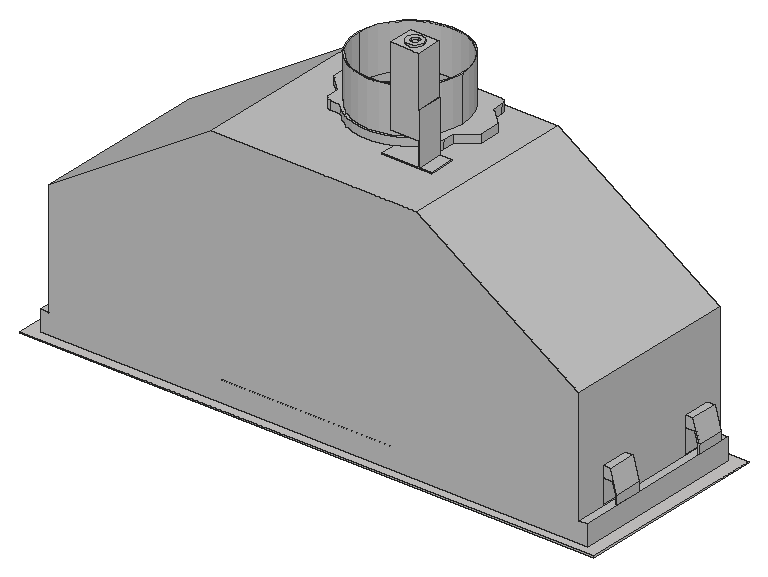
Revit family "FP_Revit_18_HP36ILTX1_Rangehood_90000955A", category Specialty Equipment, Revit 2018
Family settings
  Round Connector Dimension = Use Diameter
  Part Type = Normal
  OmniClass Number = 23.40.40.00
  OmniClass Title = Food Service Equipment and Furnishings
  Work Plane-Based = No
  Always vertical = Yes
  Cut with Voids When Loaded = Yes
  Shared = No
  Room Calculation Point = No
Parameters
  Visibility - Clearance Required = yes
  URL = "www.fisherpaykel.com"
  Product - Width = 830 mm  # constant formula
  Product - Height = 501 mm  # constant formula
  Product - Depth = 280 mm  # constant formula
  Model = "HP36ILTX1"
  Material - Trim = Fisher & Paykel - Stainless Steel
  Material - Glass = Fisher & Paykel - White Bezel
  Material - Body = Fisher & Paykel - Grey
  Manufacturer = "Fisher & Paykel Appliances"
  Keynote = ""
  FFL Offset [instance] = 1565 mm
  Description = "36\" Insert Rangehood"
  Connector Description - Extraction = "Use rigid or semi-rigid ducting 6\" (152mm) diameter, 600 CFM"
  Connector Description - Electrical = "120 V, 60Hz, 630W"
  Chassis - Width = 792 mm  # constant formula
  Chassis - Height = 348 mm  # constant formula
  Chassis - Depth = 255 mm  # constant formula
  Cavity - Width = 800 mm  # constant formula
  Cavity - Height = 550 mm  # constant formula
  Cavity - Depth = 260 mm  # constant formula
Reference planes
  plane 1 "Center (Front/Back)": y = 0
  plane 2: z = 0
  plane 3 "Center (Left/Right)": x = 0
  plane 4 "Product - LHS": x = -415
  plane 5 "Product - RHS": x = 415
  plane 6 "Product - Rear": y = 140
  plane 7 "Cavity - Rear": y = 130
  plane 8 "Chassis - LHS": x = -396
  plane 9 "Chassis - RHS": x = 396
  plane 10 "Product - Front": y = -140
  plane 11 "Cavity - Front": y = -130
  plane 12 "Cavity - RHS": x = 400
  plane 13 "Cavity - LHS": x = -400
  plane 14 "Chassis - Rear": y = 127.5
  plane 15 "Chassis - Front": y = -127.5
  plane 16 "Product - Height": z = 2064
  plane 17 "FFL Offset": z = 1565
  plane 18 "Frame": z = 1563
Forms (mm)
  Extrusion 1, solid, material "Fisher & Paykel - Grey" <- "Material - Body"
    sketch origin (0, -130, 0) x (-1, 0, 0) y (0, 0, 1)
      loop
        line (-384, 1595) -> (-396, 1595) -> (-396, 1565) -> (396, 1565) -> (396, 1595) -> (384, 1595) -> (384, 1760.558) -> (149.5, 1913) -> (-149.5, 1913) -> (-384, 1760.558) -> (-384, 1595)
    from 2.5 to 257.5
  Extrusion 2, void
    sketch origin (0, 0, 0) x (0, 1, 0) y (0, 0, 1)
      loop
        line (-67, 1563) -> (125, 1563) -> (125, 1583) -> (117, 1583) -> (117, 1593) -> (-67, 1593) -> (-67, 1563)
    from -395 to 395
  Extrusion 3, solid, material "Fisher & Paykel - Stainless Steel" <- "Material - Trim"
    sketch origin (0, 0, 0) x (1, 0, 0) y (0, 1, 0)
      loop
        line (-415, -140) -> (415, -140) -> (415, 140) -> (-415, 140) -> (-415, -140)
      loop
        line (-395, -67) -> (395, -67) -> (395, 125) -> (-395, 125) -> (-395, -67)
      loop
        line (-145.5, -125) -> (145.5, -125) -> (145.5, -87) -> (-145.5, -87) -> (-145.5, -125)
      loop
        circle (-337.5, -100) r 25
      loop
        circle (337.5, -100) r 25
    from 1563 to 1565
  Extrusion 4, solid, material "Fisher & Paykel - Stainless Steel" <- "Material - Trim", detail levels fine
    sketch origin (0, 0, 0) x (1, 0, 0) y (0, 1, 0)
      loop
        line (-377, -48.229) -> (377, -48.229) -> (377, 109.2) -> (-377, 109.2) -> (-377, -48.229)
    from 1563 to 1566
  Extrusion 5, solid, material "Fisher & Paykel - Grey"
    sketch origin (0, 0, 0) x (1, 0, 0) y (0, 1, 0)
      loop
        circle (0.002, 47) r 76
      loop
        circle (0.002, 47) r 75
    from 1925 to 1990
  Extrusion 6, solid, material "Fisher & Paykel - Clearance Required", visible <- "Visibility - Clearance Required", detail levels coarse
    sketch origin (0, 0, 0) x (1, 0, 0) y (0, 1, 0)
      loop
        line (-400, 130) -> (-400, -130) -> (400, -130) -> (400, 130) -> (-400, 130)
    from 1565 to 2115
  Extrusion 7, solid, material "Fisher & Paykel - Clearance Required", visible <- "Visibility - Clearance Required", detail levels coarse
    sketch origin (0, 0, 0) x (1, 0, 0) y (0, 1, 0)
      loop
        circle (0.002, 47) r 80
    from 2115 to 2165
  Extrusion 8, void
    sketch origin (0, 0, 0) x (0, 1, 0) y (0, 0, 1)
      loop
        line (-125, 1563) -> (-87, 1563) -> (-87, 1565) -> (-112, 1584) -> (-125, 1579) -> (-125, 1563)
    from -145.5 to 145.5
  Extrusion 9, solid, material "Fisher & Paykel - Grey" <- "Material - Body", detail levels fine
    sketch origin (0, -31.853, 1523.088) x (0, -0.796162, 0.605083) y (1, 0, 0)
      loop
        line (89.266, -59) -> (89.266, -41.5) -> (79.266, -41.5) -> (79.266, -59) -> (89.266, -59)
      loop
        line (89.266, -41) -> (89.266, -23.5) -> (79.266, -23.5) -> (79.266, -41) -> (89.266, -41)
      loop
        line (89.266, -23) -> (89.266, -5.5) -> (79.266, -5.5) -> (79.266, -23) -> (89.266, -23)
      loop
        line (89.266, -5) -> (89.266, 5) -> (79.266, 5) -> (79.266, -5) -> (89.266, -5)
      loop
        line (89.266, 5.5) -> (89.266, 23) -> (79.266, 23) -> (79.266, 5.5) -> (89.266, 5.5)
      loop
        line (89.266, 23.5) -> (89.266, 41) -> (79.266, 41) -> (79.266, 23.5) -> (89.266, 23.5)
      loop
        line (89.266, 41.5) -> (89.266, 59) -> (79.266, 59) -> (79.266, 41.5) -> (89.266, 41.5)
    from -1 to 0
  Extrusion 10, solid, material "Fisher & Paykel - Grey" <- "Material - Body"
    sketch origin (0, 0, 0) x (1, 0, 0) y (0, 0, 1)
      loop
        line (88.292, 1914) -> (35.343, 1914) -> (35.343, 1913) -> (107, 1913) -> (107, 1914) -> (89.292, 1914) -> (89.292, 1989) -> (88.292, 1989) -> (88.292, 2062) -> (47.292, 2062) -> (47.292, 1949) -> (88.292, 1949) -> (88.292, 1914)
    from 11.229 to 48.229
  Extrusion 11, solid, material "Fisher & Paykel - Grey", detail levels fine
    sketch origin (0, 0, 0) x (1, 0, 0) y (0, 1, 0)
      loop
        circle (68.343, -29.729) r 12
      loop
        circle (68.343, -29.729) r 6
    from 2062 to 2064
  Extrusion 12, solid, material "Fisher & Paykel - Grey" <- "Material - Body", detail levels medium+fine
    sketch origin (0, 0, 0) x (1, 0, 0) y (0, 1, 0)
      loop
        arc (-73, 119.5) -> (-80.071, 116.571) -> (-83, 109.5) r 10
        line (-83, 109.5) -> (-83, 93.61) -> (-107, 72) -> (-107, 42) -> (-83, 20.39) -> (-83, 4.5)
        arc (-83, 4.5) -> (-80.071, -2.571) -> (-73, -5.5) r 10
        line (-73, -5.5) -> (-59.699, -5.5)
        arc (-59.699, -5.5) -> (0, -32.5) -> (59.699, -5.5) r 79.5
        line (59.699, -5.5) -> (73, -5.5)
        arc (73, -5.5) -> (80.071, -2.571) -> (83, 4.5) r 10
        line (83, 4.5) -> (83, 20.39) -> (107, 42) -> (107, 72) -> (83, 93.61) -> (83, 109.5)
        arc (83, 109.5) -> (80.071, 116.571) -> (73, 119.5) r 10
        line (73, 119.5) -> (32.619, 119.5)
        arc (32.619, 119.5) -> (0, 126.5) -> (-32.619, 119.5) r 79.5
        line (-32.619, 119.5) -> (-73, 119.5)
      loop
        circle (0, 47) r 76
    from 1913 to 1925
  Extrusion 13, solid, material "Fisher & Paykel - White Bezel" <- "Material - Glass", detail levels fine
    sketch origin (0, 0, 0) x (1, 0, 0) y (0, 1, 0)
      loop
        circle (-337.5, -100) r 22
      loop
        circle (337.5, -100) r 22
    from 1563 to 1566
  Extrusion 14, solid, material "Fisher & Paykel - Grey" <- "Material - Body", detail levels medium+fine
    sketch origin (0, 0, 1565) x (1, 0, 0) y (0, 0, 1)
      loop
        line (-384, 83) -> (-396, 83) -> (-405, 51) -> (-405, 39) -> (-403, 39) -> (-403, 51) -> (-398.5, 67) -> (-386, 67) -> (-386, 33) -> (-384, 33) -> (-384, 83)
      loop
        line (384, 83) -> (384, 33) -> (386, 33) -> (386, 67) -> (398.5, 67) -> (403, 51) -> (403, 39) -> (405, 39) -> (405, 51) -> (396, 83) -> (384, 83)
    from 46 to 85
  Extrusion 15, solid, material "Fisher & Paykel - Grey" <- "Material - Body", detail levels medium+fine
    sketch origin (0, 0, 1565) x (1, 0, 0) y (0, 0, 1)
      loop
        line (-384, 83) -> (-396, 83) -> (-405, 51) -> (-405, 39) -> (-403, 39) -> (-403, 51) -> (-398.5, 67) -> (-386, 67) -> (-386, 33) -> (-384, 33) -> (-384, 83)
      loop
        line (384, 83) -> (384, 33) -> (386, 33) -> (386, 67) -> (398.5, 67) -> (403, 51) -> (403, 39) -> (405, 39) -> (405, 51) -> (396, 83) -> (384, 83)
    from -103 to -64
  Extrusion 16, solid, material "Fisher & Paykel - Grey" <- "Material - Body", not visible, detail levels fine
    sketch origin (0, -31.853, 958.088) x (0, -0.796162, 0.605083) y (1, 0, 0)
      loop
        line (89.266, -59) -> (89.266, -41.5) -> (79.266, -41.5) -> (79.266, -59) -> (89.266, -59)
      loop
        line (89.266, -41) -> (89.266, -23.5) -> (79.266, -23.5) -> (79.266, -41) -> (89.266, -41)
      loop
        line (89.266, -23) -> (89.266, -5.5) -> (79.266, -5.5) -> (79.266, -23) -> (89.266, -23)
      loop
        line (89.266, -5) -> (89.266, 5) -> (79.266, 5) -> (79.266, -5) -> (89.266, -5)
      loop
        line (89.266, 5.5) -> (89.266, 23) -> (79.266, 23) -> (79.266, 5.5) -> (89.266, 5.5)
      loop
        line (89.266, 23.5) -> (89.266, 41) -> (79.266, 41) -> (79.266, 23.5) -> (89.266, 23.5)
      loop
        line (89.266, 41.5) -> (89.266, 59) -> (79.266, 59) -> (79.266, 41.5) -> (89.266, 41.5)
    from -1 to 0
  Extrusion 17, solid, material "Fisher & Paykel - Grey" <- "Material - Body", not visible, detail levels medium+fine
    sketch origin (0, 0, 1000) x (1, 0, 0) y (0, 0, 1)
      loop
        line (-384, 83) -> (-396, 83) -> (-405, 51) -> (-405, 39) -> (-403, 39) -> (-403, 51) -> (-398.5, 67) -> (-386, 67) -> (-386, 33) -> (-384, 33) -> (-384, 83)
      loop
        line (384, 83) -> (384, 33) -> (386, 33) -> (386, 67) -> (398.5, 67) -> (403, 51) -> (403, 39) -> (405, 39) -> (405, 51) -> (396, 83) -> (384, 83)
    from 46 to 85
  Extrusion 18, solid, material "Fisher & Paykel - Grey" <- "Material - Body", not visible, detail levels medium+fine
    sketch origin (0, 0, 1000) x (1, 0, 0) y (0, 0, 1)
      loop
        line (-384, 83) -> (-396, 83) -> (-405, 51) -> (-405, 39) -> (-403, 39) -> (-403, 51) -> (-398.5, 67) -> (-386, 67) -> (-386, 33) -> (-384, 33) -> (-384, 83)
      loop
        line (384, 83) -> (384, 33) -> (386, 33) -> (386, 67) -> (398.5, 67) -> (403, 51) -> (403, 39) -> (405, 39) -> (405, 51) -> (396, 83) -> (384, 83)
    from -103 to -64
  Extrusion 19, void
    sketch origin (0, 0, 0) x (1, 0, 0) y (0, 1, 0)
      loop
        line (-400, 130) -> (-400, -130) -> (400, -130) -> (400, 130) -> (-400, 130)
    from 1565 to 2115
  Extrusion 20, void
    sketch origin (0, 0, 0) x (1, 0, 0) y (0, 1, 0)
      loop
        circle (0.002, 47) r 80
    from 2115 to 2165
Cuts and joins
  Extrusion 2, Extrusion 8 cuts Extrusion 1
  Extrusion 8 cuts Extrusion 3
Text (mm)
  text "Due to ongoing product development, product details are subject to change without notice. \nPlease always refer to www.fisherpaykel.com for the most current product information. \n© Fisher & Paykel 2020" at (41.04, -1044.323, 0), in view "Ref. Level (Plan)"
Dimensions and locks
  equal spacing: plane 4 "Product - LHS", plane 3 "Center (Left/Right)", plane 5 "Product - RHS"
  equal spacing: plane 8 "Chassis - LHS", plane 3 "Center (Left/Right)", plane 9 "Chassis - RHS"
  "Chassis - Width": plane 8 "Chassis - LHS" to plane 9 "Chassis - RHS"
  equal spacing: plane 11 "Cavity - Front", plane 1 "Center (Front/Back)", plane 7 "Cavity - Rear"
  equal spacing: plane 6 "Product - Rear", plane 1 "Center (Front/Back)", plane 10 "Product - Front"
  "Cavity - Depth": plane 11 "Cavity - Front" to plane 7 "Cavity - Rear"
  "Product - Depth": plane 6 "Product - Rear" to plane 10 "Product - Front"
  "Product - Width": plane 4 "Product - LHS" to plane 5 "Product - RHS"
  equal spacing: plane 13 "Cavity - LHS", plane 3 "Center (Left/Right)", plane 12 "Cavity - RHS"
  plane 13 "Cavity - LHS" to plane 12 "Cavity - RHS" = 800 mm
  "Cavity - Width": plane 13 "Cavity - LHS" to plane 12 "Cavity - RHS"
  equal spacing: plane 15 "Chassis - Front", plane 1 "Center (Front/Back)", plane 14 "Chassis - Rear"
  "Chassis - Depth": plane 15 "Chassis - Front" to plane 14 "Chassis - Rear"
  "FFL Offset": plane 17 "FFL Offset" to level
  locked: Extrusion 12 to plane 17 "FFL Offset" at 360
  locked: Extrusion 5 to plane 17 "FFL Offset" at 425
  locked: Extrusion 10 sketch curve to cut or joined group of Extrusion 1, Extrusion 2, Extrusion 8 at 36
  locked: Extrusion 10 sketch curve to cut or joined group of Extrusion 1, Extrusion 2, Extrusion 8 at 1
  locked: Extrusion 10 sketch curve to cut or joined group of Extrusion 1, Extrusion 2, Extrusion 8 at 149
  locked: Extrusion 10 sketch curve to cut or joined group of Extrusion 1, Extrusion 2, Extrusion 8 at 76
  locked: plane 17 "FFL Offset" to Extrusion 2 sketch curve at 28
  locked: plane 17 "FFL Offset" to plane 18 "Frame" at 2
  locked: Extrusion 4 to plane 18 "Frame" at 3
  locked: Extrusion 8 sketch curve to plane 18 "Frame" at 16
  locked: Extrusion 8 sketch curve to plane 18 "Frame" at 21
  locked: Extrusion 14 to plane 17 "FFL Offset" at 83
  "Cavity - Height": Extrusion 6 to plane 17 "FFL Offset"
  locked: Extrusion 7 to Extrusion 6 at 50
  "Chassis - Height": cut or joined group of Extrusion 1, Extrusion 2, Extrusion 8 to plane 17 "FFL Offset"
  "Product - Height": plane 16 "Product - Height" to plane 18 "Frame"
  aligned and locked: level to plane 2
  aligned and locked: plane 7 "Cavity - Rear" to Extrusion 6 sketch curve
  aligned and locked: Extrusion 6 sketch curve to plane 13 "Cavity - LHS"
  aligned and locked: plane 11 "Cavity - Front" to Extrusion 6 sketch curve
  aligned and locked: Extrusion 6 sketch curve to plane 12 "Cavity - RHS"
  aligned and locked: Extrusion 7 to Extrusion 6
  aligned and locked: Extrusion 1 to plane 15 "Chassis - Front"
  aligned and locked: Extrusion 1 to plane 14 "Chassis - Rear"
  aligned and locked: Extrusion 1 sketch curve to plane 17 "FFL Offset"
  aligned and locked: Extrusion 12 to cut or joined group of Extrusion 1, Extrusion 2, Extrusion 8
  aligned and locked: Extrusion 5 to Extrusion 12
  aligned and locked: Extrusion 10 sketch curve to cut or joined group of Extrusion 1, Extrusion 2, Extrusion 8
  aligned and locked: Extrusion 10 sketch curve to Extrusion 10 sketch curve
  aligned and locked: Extrusion 2 to plane 18 "Frame"
  aligned and locked: Extrusion 3 to cut or joined group of Extrusion 1, Extrusion 2, Extrusion 8
  aligned and locked: Extrusion 3 to plane 18 "Frame"
  aligned and locked: Extrusion 13 to Extrusion 4
  aligned and locked: cut or joined group of Extrusion 3, Extrusion 8 to Extrusion 4
  aligned and locked: Extrusion 4 to Extrusion 13
  aligned and locked: plane 18 "Frame" to Extrusion 8 sketch curve
  aligned and locked: Extrusion 11 to Extrusion 10
  aligned and locked: Extrusion 6 to cut or joined group of Extrusion 1, Extrusion 2, Extrusion 8
  aligned and locked: plane 16 "Product - Height" to Extrusion 11
  aligned and locked: Extrusion 19 to Extrusion 6
  aligned and locked: Extrusion 19 to cut or joined group of Extrusion 1, Extrusion 2, Extrusion 8
  aligned and locked: Extrusion 20 to Extrusion 7
  aligned and locked: Extrusion 20 to Extrusion 6
Automatic sketch dimensions
  Extrusion 9 sketch curve to Extrusion 9 sketch curve = 0 mm  (x12)
  Extrusion 9 sketch curve to Extrusion 9 sketch curve = 10 mm  (x2)
  Extrusion 9 sketch curve to Extrusion 9 sketch curve = 0.5 mm  (x6)
  Extrusion 9 sketch curve to Extrusion 9 sketch curve = 17.5 mm  (x6)
  Extrusion 14 sketch curve to Extrusion 14 sketch curve = 2 mm  (x3)
  Extrusion 14 sketch curve to Extrusion 14 sketch curve = 6 mm  (x2)
  Extrusion 14 sketch curve to Extrusion 14 sketch curve = 12 mm  (x4)
  Extrusion 14 sketch curve to Extrusion 14 sketch curve = 0 mm  (x3)
  Extrusion 14 sketch curve to Extrusion 14 sketch curve = 16 mm  (x4)
  Extrusion 15 sketch curve to Extrusion 15 sketch curve = 2 mm  (x3)
  Extrusion 15 sketch curve to Extrusion 15 sketch curve = 4.5 mm  (x2)
  Extrusion 15 sketch curve to Extrusion 15 sketch curve = 2.5 mm
  Extrusion 15 sketch curve to Extrusion 15 sketch curve = 12.5 mm  (x2)
  Extrusion 15 sketch curve to Extrusion 15 sketch curve = 12 mm  (x4)
  Extrusion 15 sketch curve to Extrusion 15 sketch curve = 6 mm  (x2)
  Extrusion 15 sketch curve to Extrusion 15 sketch curve = 0 mm  (x3)
  Extrusion 15 sketch curve to Extrusion 15 sketch curve = 16 mm  (x4)
  Extrusion 14 sketch curve to Extrusion 14 sketch curve = 4.5 mm  (x2)
  Extrusion 14 sketch curve to Extrusion 14 sketch curve = 2.5 mm
  Extrusion 14 sketch curve to Extrusion 14 sketch curve = 12.5 mm  (x2)
  Extrusion 14 sketch curve to Extrusion 14 sketch curve = 768 mm
  Extrusion 15 sketch curve to Extrusion 15 sketch curve = 768 mm
  Extrusion 16 sketch curve to Extrusion 16 sketch curve = 0 mm  (x12)
  Extrusion 16 sketch curve to Extrusion 16 sketch curve = 10 mm  (x2)
  Extrusion 16 sketch curve to Extrusion 16 sketch curve = 0.5 mm  (x6)
  Extrusion 16 sketch curve to Extrusion 16 sketch curve = 17.5 mm  (x6)
  Extrusion 17 sketch curve to Extrusion 17 sketch curve = 2 mm  (x3)
  Extrusion 17 sketch curve to Extrusion 17 sketch curve = 6 mm  (x2)
  Extrusion 17 sketch curve to Extrusion 17 sketch curve = 12 mm  (x4)
  Extrusion 17 sketch curve to Extrusion 17 sketch curve = 0 mm  (x3)
  Extrusion 17 sketch curve to Extrusion 17 sketch curve = 16 mm  (x4)
  Extrusion 18 sketch curve to Extrusion 18 sketch curve = 2 mm  (x3)
  Extrusion 18 sketch curve to Extrusion 18 sketch curve = 4.5 mm  (x2)
  Extrusion 18 sketch curve to Extrusion 18 sketch curve = 2.5 mm
  Extrusion 18 sketch curve to Extrusion 18 sketch curve = 12.5 mm  (x2)
  Extrusion 18 sketch curve to Extrusion 18 sketch curve = 12 mm  (x4)
  Extrusion 18 sketch curve to Extrusion 18 sketch curve = 6 mm  (x2)
  Extrusion 18 sketch curve to Extrusion 18 sketch curve = 0 mm  (x3)
  Extrusion 18 sketch curve to Extrusion 18 sketch curve = 16 mm  (x4)
  Extrusion 17 sketch curve to Extrusion 17 sketch curve = 4.5 mm  (x2)
  Extrusion 17 sketch curve to Extrusion 17 sketch curve = 2.5 mm
  Extrusion 17 sketch curve to Extrusion 17 sketch curve = 12.5 mm  (x2)
  Extrusion 17 sketch curve to Extrusion 17 sketch curve = 768 mm
  Extrusion 18 sketch curve to Extrusion 18 sketch curve = 768 mm
  Extrusion 1 sketch curve to plane 9 "Chassis - RHS" = 0 mm
  Extrusion 1 sketch curve to Extrusion 1 sketch curve = 12 mm
  plane 3 "Center (Left/Right)" to Extrusion 1 sketch curve = 149.5 mm
  Extrusion 1 sketch curve to plane 3 "Center (Left/Right)" = 149.5 mm
  Extrusion 1 sketch curve to plane 8 "Chassis - LHS" = 12 mm
  Extrusion 1 sketch curve to plane 8 "Chassis - LHS" = 0 mm
  plane 17 "FFL Offset" to Extrusion 1 sketch curve = 30 mm  (x2)
  Extrusion 1 sketch curve to Extrusion 1 sketch curve = 165.558 mm  (x2)
  Extrusion 1 sketch curve to plane 16 "Product - Height" = 151 mm
  Extrusion 2 sketch curve to plane 18 "Frame" = 0 mm
  plane 15 "Chassis - Front" to Extrusion 2 sketch curve = 60.5 mm
  plane 14 "Chassis - Rear" to Extrusion 2 sketch curve = 10.5 mm
  plane 14 "Chassis - Rear" to Extrusion 2 sketch curve = 2.5 mm
  Extrusion 2 sketch curve to Extrusion 2 sketch curve = 10 mm
  Extrusion 3 sketch curve to plane 4 "Product - LHS" = 0 mm
  Extrusion 3 sketch curve to plane 5 "Product - RHS" = 0 mm
  Extrusion 3 sketch curve to plane 8 "Chassis - LHS" = 1 mm
  plane 15 "Chassis - Front" to Extrusion 3 sketch curve = 27.5 mm  (x2)
  Extrusion 3 sketch curve to plane 8 "Chassis - LHS" = 58.5 mm
  plane 15 "Chassis - Front" to Extrusion 3 sketch curve = 40.5 mm
  Extrusion 3 sketch curve to plane 3 "Center (Left/Right)" = 145.5 mm
  plane 15 "Chassis - Front" to Extrusion 3 sketch curve = 2.5 mm
  plane 3 "Center (Left/Right)" to Extrusion 3 sketch curve = 145.5 mm
  Extrusion 3 sketch curve to plane 9 "Chassis - RHS" = 58.5 mm
  Extrusion 3 sketch curve to plane 9 "Chassis - RHS" = 1 mm
  Extrusion 3 sketch curve to plane 10 "Product - Front" = 0 mm
  plane 15 "Chassis - Front" to Extrusion 3 sketch curve = 60.5 mm
  plane 14 "Chassis - Rear" to Extrusion 3 sketch curve = 2.5 mm
  plane 6 "Product - Rear" to Extrusion 3 sketch curve = 0 mm
  Extrusion 4 sketch curve to plane 8 "Chassis - LHS" = 19 mm
  Extrusion 4 sketch curve to plane 9 "Chassis - RHS" = 19 mm
  plane 1 "Center (Front/Back)" to Extrusion 4 sketch curve = 48.229 mm
  plane 14 "Chassis - Rear" to Extrusion 4 sketch curve = 18.3 mm
  Extrusion 5 sketch curve to Extrusion 5 sketch curve = 0 mm  (x2)
  plane 3 "Center (Left/Right)" to Extrusion 5 sketch curve = 0.002 mm
  Extrusion 5 sketch curve to plane 1 "Center (Front/Back)" = 47 mm
  plane 3 "Center (Left/Right)" to Extrusion 7 sketch curve = 0.002 mm
  Extrusion 7 sketch curve to plane 1 "Center (Front/Back)" = 47 mm
  Extrusion 8 sketch curve to plane 17 "FFL Offset" = 0 mm
  plane 15 "Chassis - Front" to Extrusion 8 sketch curve = 2.5 mm
  Extrusion 8 sketch curve to Extrusion 8 sketch curve = 13 mm
  Extrusion 8 sketch curve to Extrusion 8 sketch curve = 25 mm
  plane 3 "Center (Left/Right)" to Extrusion 10 sketch curve = 35.343 mm
  plane 3 "Center (Left/Right)" to Extrusion 10 sketch curve = 47.292 mm
  Extrusion 10 sketch curve to Extrusion 10 sketch curve = 41 mm
  Extrusion 10 sketch curve to Extrusion 10 sketch curve = 0 mm
  Extrusion 10 sketch curve to Extrusion 10 sketch curve = 1 mm
  Extrusion 10 sketch curve to Extrusion 10 sketch curve = 17.708 mm
  Extrusion 11 sketch curve to Extrusion 11 sketch curve = 0 mm  (x2)
  plane 1 "Center (Front/Back)" to Extrusion 11 sketch curve = 29.729 mm
  plane 3 "Center (Left/Right)" to Extrusion 11 sketch curve = 68.343 mm
  Extrusion 12 sketch curve to Extrusion 12 sketch curve = 0 mm  (x2)
  Extrusion 12 sketch curve to plane 3 "Center (Left/Right)" = 0 mm  (x2)
  plane 14 "Chassis - Rear" to Extrusion 12 sketch curve = 8 mm  (x2)
  Extrusion 12 sketch curve to plane 3 "Center (Left/Right)" = 32.619 mm
  plane 1 "Center (Front/Back)" to Extrusion 12 sketch curve = 5.5 mm  (x2)
  Extrusion 12 sketch curve to plane 3 "Center (Left/Right)" = 59.699 mm
  Extrusion 12 sketch curve to Extrusion 12 sketch curve = 40.381 mm  (x2)
  Extrusion 12 sketch curve to plane 1 "Center (Front/Back)" = 4.5 mm  (x2)
  Extrusion 12 sketch curve to Extrusion 12 sketch curve = 13.301 mm  (x2)
  Extrusion 12 sketch curve to Extrusion 12 sketch curve = 10 mm  (x2)
  Extrusion 12 sketch curve to Extrusion 12 sketch curve = 24 mm  (x2)
  plane 14 "Chassis - Rear" to Extrusion 12 sketch curve = 33.89 mm
  Extrusion 12 sketch curve to Extrusion 12 sketch curve = 15.89 mm  (x3)
  Extrusion 12 sketch curve to Extrusion 12 sketch curve = 21.61 mm  (x2)
  Extrusion 12 sketch curve to plane 1 "Center (Front/Back)" = 47 mm
  Extrusion 12 sketch curve to Extrusion 12 sketch curve = 0.001 mm
  Extrusion 12 sketch curve to Extrusion 12 sketch curve = 30 mm  (x2)
  plane 15 "Chassis - Front" to Extrusion 13 sketch curve = 27.5 mm  (x2)
  Extrusion 13 sketch curve to plane 8 "Chassis - LHS" = 58.5 mm
  Extrusion 13 sketch curve to plane 9 "Chassis - RHS" = 58.5 mm
  Extrusion 19 sketch curve to plane 11 "Cavity - Front" = 0 mm
  Extrusion 19 sketch curve to plane 13 "Cavity - LHS" = 0 mm
  Extrusion 19 sketch curve to plane 12 "Cavity - RHS" = 0 mm
  plane 7 "Cavity - Rear" to Extrusion 19 sketch curve = 0 mm
  plane 3 "Center (Left/Right)" to Extrusion 20 sketch curve = 0.002 mm
  Extrusion 20 sketch curve to plane 1 "Center (Front/Back)" = 47 mm
  radius of Extrusion 3 sketch curve = 25 mm  (x2)
  radius of Extrusion 5 sketch curve = 76 mm
  radius of Extrusion 5 sketch curve = 75 mm
  radius of Extrusion 7 sketch curve = 80 mm
  radius of Extrusion 11 sketch curve = 12 mm
  radius of Extrusion 11 sketch curve = 6 mm
  radius of Extrusion 12 sketch curve = 76 mm
  radius of Extrusion 13 sketch curve = 22 mm  (x2)
  radius of Extrusion 20 sketch curve = 80 mm
Connectors
  hvac at (0.002, 47, 1990), driven by "Connector Description - Extraction"
    settings: on Extrusion 5, index 2, duct flow 0.0 L/s, flow factor 0, pres drop 0.0 Pa, loss coef 0, conn angle 0.00°, conn width 304.8 mm, conn height 304.8 mm, conn diameter 150 mm, duct sys type 4, conn prof type 0, flow config 0, flow direction 2, loss method 0, conn ref index -1, conn util no, is conn primary yes, conn desc "Use rigid or semi-rigid ducting 6\" (152mm) diameter, 600 CFM"
  electrical at (68.343, -29.729, 2064), driven by "Connector Description - Electrical"
    settings: on Extrusion 11, index 3, voltage 120 V, apparent load 0 VA, apparent load phase1 0 VA, apparent load phase2 0 VA, apparent load phase3 0 VA, power factor 1, load classification "Other", number of poles 1, system type 30, power factor state 1, is connector primary yes, connector utility no, sub classification motor no, connector description "120 V, 60Hz, 630W"
